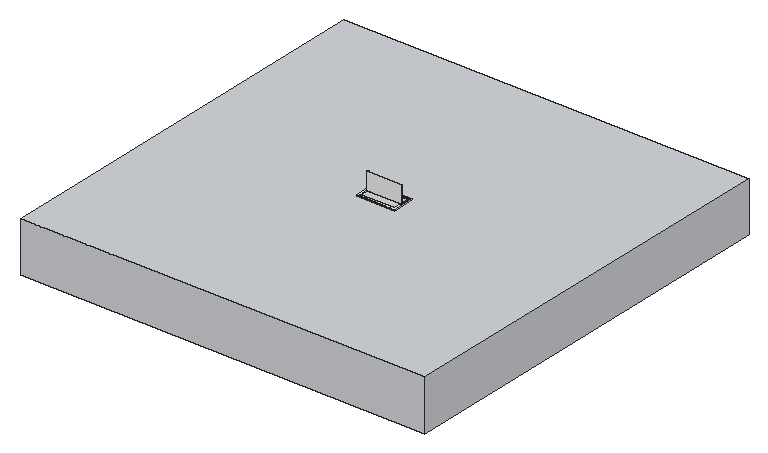
Revit family "Legrand_Emergencia_URA_ONE_EXPORT_EN", category Luminaires, Revit 2020
Family settings
  Hôte = Face
  Cote de connecteur circulaire = Utiliser le diamètre
  Type d'élément = Normal
  Couper avec des vides une fois chargée = Non
  Source d'éclairage = Oui
  Partagée = Non
  Point de calcul de pièce = Non
Parameters (values of type "URAONE M-NM 350LM 1H IP42 ADR")
  WIRING_SYSTEM = "Continuous circuit/emergency cicuit"
  WIDTH = "110"
  VOLTAGE_TYPE = "AC"
  REF_SPARE_BATTERY = "660971"
  REFERENCE_SUSPENSION_ACCESS [instance] = if(NUMBER_SUSPENSION_ACCESS > 1, 0, if(SUSPENSION_ACCESS_URAONE_ALU, 661663, if(SUSPENSION_ACCESS_URAONE_WHITE, 661662, 0)))  # 661663
  REFERENCE_PLATE [instance] = if(NUMBER_PLATE = 1, if(URAONE_FLUSH_FR_W_PICT_PLATE, 661665, 661664), 0)  # 661665
  REFERENCE_LABEL [instance] = if(NUMBER_LABEL > 1, 0, if(LABEL_RUNNING_MAN_ARROW, 661670, if(LABEL_EVACUATION_ARROW, 661671, if(LABEL_STAIRS_AND_ARROW, 661672, if(LABEL_SALIDA, 661682, if(LABEL_SALIDA_DE_EMERGENCIA, 661683, if(LABEL_IRTEERA, 661684, if(LABEL_SORTIDA, 661685, if(LABEL_SIN_SALIDA, 661689, if(LABEL_EXTING_ARROW, 661690, if(LABEL_FIRE_HOSE_REEL_ARROW, 661691, 0)))))))))))  # 661670
  REFERENCE_FLUSH-MOUNT_FRAME [instance] = if(NUMBER_FLUSH_MOUNT_FRAME > 1, 0, if(FLUSH_MOUNT_FRAME_URAONE_ALU, 661651, if(FLUSH_MOUNT_FRAME_URAONE_WHITE, 661650, 0)))  # 661650
  REFERENCE_FLAG_MOUNT_FRAME [instance] = if(NUMBER_FLAG_MOUNT_FRAME > 1, 0, if(FLAG_MOUNT_FRAME_URAONE_ALU, 661659, if(FLAG_MOUNT_FRAME_URAONE_WHITE, 661658, 0)))  # 661659
  REFERENCE_DECORATIVE [instance] = if(NUMBER_DECORATIVE > 1, 0, if(DECORATIVE_FRAME_URAONE_ALU, 661655, if(DECORATIVE_FRAME_URAONE_WHITE, 661654, 0)))  # 661654
  RECOGNITION_DISTANCE = ""
  PROTECTION_CLASS = "II"
  PRODUCT_FORMAT = "Rectangle"
  POWER_SUPPLY_SYSTEM = "Peripheral (individual battery)"
  OUTER_DIAMETER = ""
  NUMBER_PLATE [instance] = if(PICTOG_SIGNALLING_PLATE_URAONE, 1, 0) + if(URAONE_FLUSH_FR_W_PICT_PLATE, 1, 0)  # 1
  NUMBER_LABEL [instance] = if(LABEL_RUNNING_MAN_ARROW, 1, 0) + if(LABEL_EVACUATION_ARROW, 1, 0) + if(LABEL_STAIRS_AND_ARROW, 1, 0) + if(LABEL_SALIDA, 1, 0) + if(LABEL_SALIDA_DE_EMERGENCIA, 1, 0) + if(LABEL_IRTEERA, 1, 0) + if(LABEL_SORTIDA, 1, 0) + if(LABEL_EXTING_ARROW, 1, 0) + if(LABEL_FIRE_HOSE_REEL_ARROW, 1, 0) + if(LABEL_SIN_SALIDA, 1, 0)  # 1
  NOMINAL_VOLTAGE_(MIN) = "230"
  NOMINAL_VOLTAGE_(MAX) = "230"
  MOUNTING_METHOD = "Built-in"
  MONITORING_EQUIPEMENT = "Automatic self test"
  MATERIAL_HOUSING = "Plastic"
  MATERIAL_COVER = "Plastic. opal"
  LUMINOUS_FLUX_AT_EMERGENCY_OPERATION = "350"
  LENGTH = "210"
  LAMP_TYPE = "Fluorescent lamp"
  LAMP_POWER = "35"
  LABELLING_TYPE = "Sticker"
  HEIGHT/DEPTH = "41"
  General Conditions of Use = "https://export.legrand.com/en/terms-of-use-BIM-objects"
  FUNCTION = "EL unit"
  LABEL_SIN_SALIDA [instance] = no
  LABEL_FIRE_HOSE_REEL_ARROW [instance] = no
  LABEL_EXTING_ARROW [instance] = no
  LABEL_SORTIDA [instance] = no
  LABEL_IRTEERA [instance] = no
  LABEL_SALIDA_DE_EMERGENCIA [instance] = no
  LABEL_SALIDA [instance] = no
  LABEL_STAIRS_AND_ARROW [instance] = no
  PICTOG_SIGNALLING_PLATE_URAONE [instance] = no
  NUMBER_FLAG_MOUNT_FRAME [instance] = if(FLAG_MOUNT_FRAME_URAONE_WHITE, 1, 0) + if(FLAG_MOUNT_FRAME_URAONE_ALU, 1, 0)  # 1
  NUMBER_SUSPENSION_ACCESS [instance] = if(SUSPENSION_ACCESS_URAONE_WHITE, 1, 0) + if(SUSPENSION_ACCESS_URAONE_ALU, 1, 0)  # 1
  NUMBER_DECORATIVE [instance] = if(DECORATIVE_FRAME_URAONE_WHITE, 1, 0) + if(DECORATIVE_FRAME_URAONE_ALU, 1, 0)  # 1
  URAONE_FLUSH_FR_W_PICT_PLATE [instance] = yes
  LABEL_RUNNING_MAN_ARROW [instance] = yes
  LABEL_EVACUATION_ARROW [instance] = no
  DESCRIPTION_SUSPENSION_ACCESS [instance] = if(NUMBER_SUSPENSION_ACCESS > 1, "0", if(SUSPENSION_ACCESS_URAONE_ALU, "SUSPENSION_ACCESS_URAONE_ALU", if(SUSPENSION_ACCESS_URAONE_WHITE, "SUSPENSION_ACCESS_URAONE_WHITE", "0")))  # "SUSPENSION_ACCESS_URAONE_ALU"
  DESCRIPTION_PLATE [instance] = if(NUMBER_PLATE = 1, if(URAONE_FLUSH_FR_W_PICT_PLATE, "URAONE_FLUSH_FR_W_PICT_PLATE", "PICTOG_SIGNALLING_PLATE_URAONE"), "0")  # "URAONE_FLUSH_FR_W_PICT_PLATE"
  DESCRIPTION_LABEL [instance] = if(NUMBER_LABEL > 1, "0", if(LABEL_RUNNING_MAN_ARROW, "LABEL_RUNNING_MAN_ARROW", if(LABEL_EVACUATION_ARROW, "LABEL_EVACUATION_ARROW", if(LABEL_STAIRS_AND_ARROW, "LABEL_STAIRS_AND_ARROW", if(LABEL_SALIDA, "LABEL_SALIDA", if(LABEL_SALIDA_DE_EMERGENCIA, "LABEL_SALIDA_DE_EMERGENCIA", if(LABEL_IRTEERA, "LABEL_IRTEERA", if(LABEL_SORTIDA, "LABEL_SORTIDA", if(LABEL_SIN_SALIDA, "LABEL_SIN_SALIDA", if(LABEL_EXTING_ARROW, "(LABEL_EXTING_ARROW", if(LABEL_FIRE_HOSE_REEL_ARROW, "LABEL_FIRE_HOSE_REEL_ARROW", "0")))))))))))  # "LABEL_RUNNING_MAN_ARROW"
  DESCRIPTION_FLUSH-MOUNT_FRAME [instance] = if(NUMBER_FLUSH_MOUNT_FRAME > 1, "0", if(FLUSH_MOUNT_FRAME_URAONE_ALU, "FLUSH_MOUNT_FRAME_URAONE_ALU", if(FLUSH_MOUNT_FRAME_URAONE_WHITE, "FLUSH_MOUNT_FRAME_URAONE_WHITE", "0")))  # "FLUSH_MOUNT_FRAME_URAONE_WHITE"
  DESCRIPTION_FLAG_MOUNT_FRAME [instance] = if(NUMBER_FLAG_MOUNT_FRAME > 1, "0", if(FLAG_MOUNT_FRAME_URAONE_ALU, "FLAG_MOUNT_FRAME_URAONE_ALU", if(FLAG_MOUNT_FRAME_URAONE_WHITE, "FLAG_MOUNT_FRAME_URAONE_WHITE", "0")))  # "FLAG_MOUNT_FRAME_URAONE_ALU"
  DESCRIPTION_DECORATIVE [instance] = if(NUMBER_DECORATIVE > 1, "0", if(DECORATIVE_FRAME_URAONE_ALU, "DECORATIVE_FRAME_URAONE_ALU", if(DECORATIVE_FRAME_URAONE_WHITE, "DECORATIVE_FRAME_URAONE_WHITE", "0")))  # "DECORATIVE_FRAME_URAONE_WHITE"
  DESCRIPTION = "URAONE M-NM 350LM 1H IP42 ADR"
  built-in parameter 1150107 = 3000 (stored number, unit not read)
  Wattage = 9.2903 W
  built-in parameter 1150110 = 1 (stored number, unit not read)
  built-in parameter 1150109 = 1 (stored number, unit not read)
  built-in parameter 1114218 = 1 (stored number, unit not read)
  built-in parameter 1150113 = 1 (stored number, unit not read)
  built-in parameter 1150112 = 1 (stored number, unit not read)
  NUMBER_FLUSH_MOUNT_FRAME [instance] = if(FLUSH_MOUNT_FRAME_URAONE_WHITE, 1, 0) + if(FLUSH_MOUNT_FRAME_URAONE_ALU, 1, 0)  # 1
  built-in parameter 1150137 = (empty or 0)
  built-in parameter 1150132 = 2
  FLUSH_MOUNT_FRAME_URAONE_WHITE [instance] = yes
  FLUSH_MOUNT_FRAME_URAONE_ALU [instance] = no
  built-in parameter 1150105 = 109.82 (stored number, unit not read)
  built-in parameter 1150102 = (empty or 0)
  Dimming Lamp Color Temperature Shift = (empty or 0)
  Lumens = 1380 lm
  Color Filter = 16777215
  Fichier de distribution photométrique = "662634.ies"
  built-in parameter 1114217 = 1 (stored number, unit not read)
  built-in parameter 1150139 = (empty or 0)
  Default Elevation = 1219.2 mm
  built-in parameter 1150104 = 13.8 (stored number, unit not read)
  built-in parameter 1150106 = 1.0982 (stored number, unit not read)
  built-in parameter 1150115 = 1 (stored number, unit not read)
  built-in parameter 1150114 = 1 (stored number, unit not read)
  DEGREE_OF_PROTECTION_(IP) = "IP42"
  built-in parameter 1150138 = (empty or 0)
  built-in parameter 1150134 = (empty or 0)
  COLOUR_HOUSING = "White"
  CATEGORY = "Self-contained"
  BUILT_IN_WIDTH = ""
  BUILT_IN_LENGTH = ""
  BUILT_IN_DIAMETER = ""
  BUILT_IN_DEPTH = ""
  BATTERY_QUALITY = "NiMh"
  BAES_FULL_WARRANTY_PERIOD = "2"
  AUTONOMY = "1"
  ARTICLE_NUMBER = 662634
  SUSPENSION_ACCESS_URAONE_ALU [instance] = yes
  Tilt Angle = 90.00°
  DECORATIVE_FRAME_URAONE_WHITE [instance] = yes
  DECORATIVE_FRAME_URAONE_ALU [instance] = no
  FLAG_MOUNT_FRAME_URAONE_WHITE [instance] = no
  FLAG_MOUNT_FRAME_URAONE_ALU [instance] = yes
  built-in parameter 1150133 = 10 (stored number, unit not read)
  SUSPENSION_ACCESS_URAONE_WHITE [instance] = no
Reference planes
  plane 1 "Centre (avant/arrière)": y = 0
  plane 2: z = 0
  plane 3 "Centre (gauche/droite)": x = 0
  plane 4: x = -105
  plane 5: x = 105
  plane 6: y = 55
  plane 7: y = -55
  plane 8: z = -41
Forms (mm)
  Extrusion 1, solid
    sketch origin (0, 0, 0) x (1, 0, 0) y (0, 1, 0)
      loop
        line (-1219.2, 1219.2) -> (-1219.2, -1219.2) -> (1219.2, -1219.2) -> (1219.2, 1219.2) -> (-1219.2, 1219.2)
    from 0 to -304.8
  Extrusion 2, solid, material "Plastique opalin"
    sketch origin (0, 0, 0) x (1, 0, 0) y (0, 1, 0)
      loop
        line (-105, 55) -> (-105, -55) -> (105, -55) -> (105, 55) -> (-105, 55)
    from 5 to 0
  Extrusion 3, solid, material "Plastique gris"
    sketch origin (0, 0, 0) x (1, 0, 0) y (0, 1, 0)
      loop
        line (-105, 55) -> (-105, -55) -> (105, -55) -> (105, 55) -> (-105, 55)
    from 0 to -59.7
Dimensions and locks
  equal spacing: plane 4, plane 3 "Centre (gauche/droite)", plane 5
  equal spacing: plane 6, plane 1 "Centre (avant/arrière)", plane 7
  locked: plane 4 to plane 5 at 210
  locked: plane 6 to plane 7 at 110
  locked: Extrusion 1 to plane 8 at 41
  aligned and locked: plane 2 to Extrusion 1
  aligned and locked: level to Extrusion 1
  aligned and locked: Extrusion 2 sketch curve to plane 6
  aligned and locked: plane 4 to Extrusion 2 sketch curve
  aligned and locked: plane 7 to Extrusion 2 sketch curve
  aligned and locked: Extrusion 2 sketch curve to plane 5
  aligned and locked: level to Extrusion 3
  aligned and locked: Extrusion 2 to level
  aligned and locked: plane 3 "Centre (gauche/droite)" to nested 3
  aligned and locked: plane 1 "Centre (avant/arrière)" to nested 3
  aligned and locked: plane 3 "Centre (gauche/droite)" to nested 4
  aligned and locked: plane 1 "Centre (avant/arrière)" to nested 4
  aligned and locked: plane 3 "Centre (gauche/droite)" to nested 5
  aligned and locked: plane 1 "Centre (avant/arrière)" to nested 5
  aligned and locked: plane 3 "Centre (gauche/droite)" to nested 6
  aligned and locked: plane 1 "Centre (avant/arrière)" to nested 6
  aligned and locked: plane 3 "Centre (gauche/droite)" to nested 7
  aligned and locked: plane 1 "Centre (avant/arrière)" to nested 7
  aligned and locked: plane 3 "Centre (gauche/droite)" to nested 8
  aligned and locked: plane 1 "Centre (avant/arrière)" to nested 8
  aligned and locked: plane 3 "Centre (gauche/droite)" to nested 9
  aligned and locked: plane 1 "Centre (avant/arrière)" to nested 9
  aligned and locked: plane 3 "Centre (gauche/droite)" to nested 10
  aligned and locked: plane 1 "Centre (avant/arrière)" to nested 10
  aligned and locked: plane 3 "Centre (gauche/droite)" to nested 11
  aligned and locked: plane 1 "Centre (avant/arrière)" to nested 11
  aligned and locked: plane 3 "Centre (gauche/droite)" to nested 12
  aligned and locked: plane 1 "Centre (avant/arrière)" to nested 12
Automatic sketch dimensions
  Extrusion 1 sketch curve to Extrusion 1 sketch curve = 2438.4 mm  (x2)
  Extrusion 3 sketch curve to plane 4 = 0 mm
  Extrusion 3 sketch curve to plane 5 = 0 mm
  Extrusion 3 sketch curve to plane 7 = 0 mm
  Extrusion 3 sketch curve to plane 6 = 0 mm
Nested families
  nested 1: "LEGRAND_ES_URAONE_MARCO_EMPOTRAR" at (0, 0, 5), type "LEGRAND_ES_URAONE_MARCO_EMPOTRAR"
  nested 2: "LEGRAND_ES_URA_ONE_PLACA_PICTOGRAMA" at (0, 0, 5), type "PICTOGRAMA"
  nested 3: "661670_E FHo" at (0, 0, 0), visible <- "LABEL_RUNNING_MAN_ARROW", type "661670_E FHo"
  nested 4: "661671_E ASC" at (0, 0, 0), visible <- "LABEL_EVACUATION_ARROW", type "661671_E ASC"
  nested 5: "661672_E ESC" at (0, 0, 0), visible <- "LABEL_STAIRS_AND_ARROW", type "661672_E ESC"
  nested 6: "661682_E SALIDA" at (0, 0, 0), visible <- "LABEL_SALIDA", type "661682_E SALIDA"
  nested 7: "661683_E SALIDA_EMER" at (0, 0, 0), visible <- "LABEL_SALIDA_DE_EMERGENCIA", type "661683_E SALIDA_EMER"
  nested 8: "661684_E IRTEERA" at (0, 0, 0), visible <- "LABEL_IRTEERA", type "661684_E IRTEERA"
  nested 9: "661685_E SORTIDA" at (0, 0, 0), visible <- "LABEL_SORTIDA", type "661685_E SORTIDA"
  nested 10: "661689_E SIN SALIDA" at (0, 0, 0), visible <- "LABEL_SIN_SALIDA", type "661689_E SIN SALIDA"
  nested 11: "661690_E EXCT" at (0, 0, 0), visible <- "LABEL_EXTING_ARROW", type "661690_E EXCT"
  nested 12: "661691_E RIA" at (0, 0, 0), visible <- "LABEL_FIRE_HOSE_REEL_ARROW", type "661691_E RIA"
Connectors
  electrical at (0, 0, -59.7)
    settings: on Extrusion 3, index 1, voltage 0 V, apparent load 0 VA, apparent load phase1 0 VA, apparent load phase2 0 VA, apparent load phase3 0 VA, power factor 1, load classification "Autre", number of poles 1, system type 31, power factor state 1, is connector primary yes, connector utility no, sub classification motor no, connector description ""
Definition of nested family "LEGRAND_ES_URAONE_MARCO_EMPOTRAR"
  Parameters (values of type "LEGRAND_ES_URAONE_MARCO_EMPOTRAR")
    Rayon_Enjoliveur = 93.5 mm
    Default Elevation = 1219.2 mm
    D = 111.5 mm
    C = 10 mm
    B = 131.5 mm
    A = 231.5 mm
  Reference planes
    plane 1 "Centre (avant/arrière)": y = 0
    plane 2: z = 0
    plane 3 "Centre (gauche/droite)": x = 0
    plane 4: x = 115.75
    plane 5: x = -115.75
    plane 6: z = 5
    plane 7: y = 65.75
    plane 8: y = -65.75
    plane 9: x = -105.75
    plane 10: x = 105.75
    plane 11: y = 55.75
    plane 12: y = -55.75
  Forms (mm)
    Extrusion 1, solid
      sketch origin (0, 0, 0) x (1, 0, 0) y (0, 1, 0)
        loop
          line (-1219.2, 1219.2) -> (-1219.2, -1219.2) -> (1219.2, -1219.2) -> (1219.2, 1219.2) -> (-1219.2, 1219.2)
      from 0 to -304.8
    Extrusion 2, solid
      sketch origin (0, 0, 0) x (1, 0, 0) y (0, 1, 0)
        loop
          line (-115.75, 65.75) -> (-115.75, -65.75) -> (115.75, -65.75) -> (115.75, 65.75) -> (-115.75, 65.75)
        loop
          line (-105.75, 55.75) -> (-105.75, -55.75) -> (105.75, -55.75) -> (105.75, 55.75) -> (-105.75, 55.75)
      from 0 to 5
  Dimensions and locks
    equal spacing: plane 5, plane 3 "Centre (gauche/droite)", plane 4
    equal spacing: plane 7, plane 1 "Centre (avant/arrière)", plane 8
    "B": plane 7 to plane 8
    "A": plane 5 to plane 4
    "C": plane 5 to plane 9
    "C": plane 10 to plane 4
    "C": plane 7 to plane 11
    "C": plane 12 to plane 8
    aligned and locked: plane 2 to Extrusion 1
    aligned and locked: level to Extrusion 1
    aligned and locked: Extrusion 2 sketch curve to plane 7
    aligned and locked: plane 5 to Extrusion 2 sketch curve
    aligned and locked: plane 8 to Extrusion 2 sketch curve
    aligned and locked: Extrusion 2 sketch curve to plane 4
    aligned and locked: Extrusion 2 sketch curve to plane 11
    aligned and locked: plane 9 to Extrusion 2 sketch curve
    aligned and locked: plane 12 to Extrusion 2 sketch curve
    aligned and locked: Extrusion 2 sketch curve to plane 10
  Automatic sketch dimensions
    Extrusion 1 sketch curve to Extrusion 1 sketch curve = 2438.4 mm  (x2)
Definition of nested family "LEGRAND_ES_URA_ONE_PLACA_PICTOGRAMA"
  Parameters (values of type "PICTOGRAMA")
    PICTOGRAMA_ANCHURA = 214.6 mm
    PICTOGRAMA_ALTURA = 106 mm
    Default Elevation = 1219.2 mm
  Reference planes
    plane 1 "Centre (avant/arrière)": y = 0
    plane 2: z = 0
    plane 3 "Centre (gauche/droite)": x = 0
    plane 4: x = 107.3
    plane 5: x = -107.3
    plane 6: z = 106
    plane 7: x = 87.3
    plane 8: x = -87.3
  Forms (mm)
    Extrusion 1, solid
      sketch origin (0, 0, 0) x (1, 0, 0) y (0, 1, 0)
        loop
          line (-1219.2, 1219.2) -> (-1219.2, -1219.2) -> (1219.2, -1219.2) -> (1219.2, 1219.2) -> (-1219.2, 1219.2)
      from 0 to -304.8
    Extrusion 2, solid
      sketch origin (0, 0, 0) x (1, 0, 0) y (0, 0, 1)
        loop
          line (107.3, 106) -> (-107.3, 106) -> (-107.3, 0) -> (-87.3, 0) -> (-87.3, 2) -> (87.3, 2) -> (87.3, 0) -> (107.3, 0) -> (107.3, 106)
      from -1 to 1
  Dimensions and locks
    "PICTOGRAMA_ANCHURA": plane 5 to plane 4
    "PICTOGRAMA_ALTURA": level to plane 6
    locked: plane 7 to plane 4 at 20
    locked: plane 5 to plane 8 at 20
    equal spacing: plane 5, plane 3 "Centre (gauche/droite)", plane 4
    aligned and locked: plane 2 to Extrusion 1
    aligned and locked: level to Extrusion 1
  Automatic sketch dimensions
    Extrusion 1 sketch curve to Extrusion 1 sketch curve = 2438.4 mm  (x2)
    plane 5 to Extrusion 2 sketch curve = 0 mm
    plane 8 to Extrusion 2 sketch curve = 0 mm
    plane 7 to Extrusion 2 sketch curve = 0 mm
    plane 4 to Extrusion 2 sketch curve = 0 mm
    Extrusion 2 sketch curve to level = 0 mm  (x2)
    Extrusion 2 sketch curve to plane 6 = 0 mm
    Extrusion 2 sketch curve to Extrusion 2 sketch curve = 2 mm
Definition of nested family "661670_E FHo"
  Reference planes
    plane 1 "Centre (avant/arrière)": y = 0
    plane 2: z = 0
    plane 3 "Centre (gauche/droite)": x = 0
  Lines and regions (mm)
    Filled region 1, type "Vert", in view "Niveau de réf."
      outline origin (0, 0, 0) x (1, 0, 0) y (0, 1, 0)
        loop
          line (112.676, 52.5) -> (-4.701, 52.5) -> (-4.701, -52.5) -> (112.676, -52.5) -> (112.676, 52.5)
        loop
          line (-243.387, 52.5) -> (-243.387, -52.5) -> (-126.725, -52.5) -> (-126.725, 52.5) -> (-243.387, 52.5)
        loop
          line (67.242, 28.953) -> (43.543, 28.953) -> (59.062, 11.106) -> (12.677, 11.106) -> (12.677, -6.91) -> (59.051, -6.91) -> (44.377, -23.785) -> (67.64, -23.785) -> (94.54, 1.655) -> (67.242, 28.953)
        loop
          line (-6.812, 52.5) -> (-123.387, 52.5) -> (-123.387, -52.5) -> (-6.812, -52.5) -> (-6.812, 52.5)
        loop
          line (-84.88, -47.482) -> (-17.017, -47.482) -> (-17.017, 49.485) -> (-84.908, 49.485) -> (-77.183, 36.628) -> (-74.134, 36.628) -> (-74.134, 48.049) -> (-44.739, 38.498) -> (-44.739, -35.64) -> (-74.546, -44.753) -> (-74.546, -32.025) -> (-77.004, -32.025) -> (-84.88, -47.482)
        loop
          line (-73.166, -38.376) -> (-62.202, -38.376) -> (-62.202, -18.622) -> (-79.229, -1.595) -> (-67.413, 10.222) -> (-67.413, -4.172) -> (-45.8, -4.172) -> (-45.8, 5.828) -> (-58.723, 5.828) -> (-58.723, 17.859) -> (-68.059, 21.443) -> (-71.852, 29.963) -> (-94.398, 29.963) -> (-104.526, 19.836) -> (-97.455, 12.765) -> (-89.516, 20.168) -> (-80.506, 20.168) -> (-97.455, 4.363) -> (-97.455, -16.957) -> (-113.416, -16.957) -> (-113.416, -26.957) -> (-87.308, -26.957) -> (-87.308, -8.273) -> (-73.166, -22.415) -> (-73.166, -38.376)
        loop
          circle (-55.328, 30.644) r 8.662
        loop
          line (-164.82, -47.482) -> (-172.696, -32.025) -> (-175.154, -32.025) -> (-175.154, -44.753) -> (-204.961, -35.64) -> (-204.961, 38.498) -> (-175.566, 48.049) -> (-175.566, 36.628) -> (-172.517, 36.628) -> (-164.792, 49.485) -> (-232.683, 49.485) -> (-232.683, -47.482) -> (-164.82, -47.482)
        loop
          line (-176.534, -38.376) -> (-176.534, -22.415) -> (-162.392, -8.273) -> (-162.392, -26.957) -> (-136.284, -26.957) -> (-136.284, -16.957) -> (-152.245, -16.957) -> (-152.245, 4.363) -> (-169.194, 20.168) -> (-160.184, 20.168) -> (-152.245, 12.765) -> (-145.174, 19.836) -> (-155.302, 29.963) -> (-177.848, 29.963) -> (-181.641, 21.443) -> (-190.977, 17.859) -> (-190.977, 5.828) -> (-203.9, 5.828) -> (-203.9, -4.172) -> (-182.287, -4.172) -> (-182.287, 10.222) -> (-170.471, -1.595) -> (-187.499, -18.622) -> (-187.499, -38.376) -> (-176.534, -38.376)
        loop
          circle (-194.373, 30.644) r 8.662
Definition of nested family "661671_E ASC"
  Reference planes
    plane 1 "Centre (avant/arrière)": y = 0
    plane 2: z = 0
    plane 3 "Centre (gauche/droite)": x = 0
  Lines and regions (mm)
    Filled region 1, type "Vert", in view "Niveau de réf."
      outline origin (0, 0, 0) x (1, 0, 0) y (0, 1, 0)
        loop
          line (112.676, 52.5) -> (5.239, 52.5) -> (5.239, -52.5) -> (112.676, -52.5) -> (112.676, 52.5)
        loop
          line (-107.398, 52.5) -> (-107.398, -52.5) -> (0.039, -52.5) -> (0.039, 52.5) -> (-107.398, 52.5)
        loop
          line (72.079, 27.078) -> (48.38, 27.078) -> (62.812, 10.481) -> (20.802, 10.481) -> (20.802, -7.535) -> (62.801, -7.535) -> (49.758, -22.535) -> (74.725, -22.535) -> (94.973, 0.75) -> (72.079, 27.078)
        loop
          line (-93.387, 40.441) -> (-93.387, -31.462) -> (-71.493, -31.462) -> (-71.493, -19.982) -> (-81.493, -19.982) -> (-81.493, 27.078) -> (-54.371, 27.078) -> (-27.249, 27.078) -> (-27.249, -19.982) -> (-37.249, -19.982) -> (-37.249, -31.462) -> (-15.355, -31.462) -> (-15.355, 40.441) -> (-54.371, 40.441) -> (-93.387, 40.441)
        loop
          line (-61.669, 7.089) -> (-61.669, -27.911) -> (-67.607, -27.911) -> (-54.813, -40.704) -> (-42.02, -27.911) -> (-47.957, -27.911) -> (-47.957, 7.089) -> (-61.669, 7.089)
Definition of nested family "661672_E ESC"
  Reference planes
    plane 1 "Centre (avant/arrière)": y = 0
    plane 2: z = 0
    plane 3 "Centre (gauche/droite)": x = 0
  Lines and regions (mm)
    Filled region 1, type "Vert", in view "Niveau de réf."
      outline origin (0, 0, 0) x (1, 0, 0) y (0, 1, 0)
        loop
          line (111.426, 47.5) -> (5.239, 47.5) -> (5.239, -48.75) -> (111.426, -48.75) -> (111.426, 47.5)
        loop
          line (-108.648, 47.5) -> (-108.648, -48.75) -> (0.039, -48.75) -> (0.039, 47.5) -> (-108.648, 47.5)
        loop
          line (69.465, 24.578) -> (47.755, 24.578) -> (62.187, 7.981) -> (19.552, 7.981) -> (19.552, -8.16) -> (62.869, -8.16) -> (48.739, -24.41) -> (69.812, -24.41) -> (94.133, -0.09) -> (69.465, 24.578)
        loop
          line (-101.845, -24.34) -> (-101.845, -36.094) -> (-78.026, -36.094) -> (-78.026, -24.34) -> (-63.026, -24.34) -> (-63.026, -14.051) -> (-47.008, -14.051) -> (-47.008, -3.468) -> (-32.008, -3.468) -> (-32.008, 7.992) -> (-17.008, 7.992) -> (-17.008, 19.98) -> (-4.961, 19.98) -> (-4.961, 32.564) -> (-29.073, 32.564) -> (-29.073, 21.15) -> (-43.624, 21.15) -> (-43.624, 9.101) -> (-59.557, 9.101) -> (-59.557, -0.899) -> (-74.557, -0.899) -> (-74.557, -11.852) -> (-89.557, -11.852) -> (-89.557, -24.34) -> (-101.845, -24.34)
Definition of nested family "661682_E SALIDA"
  Reference planes
    plane 1 "Centre (avant/arrière)": y = 0
    plane 2: z = 0
    plane 3 "Centre (gauche/droite)": x = 0
  Lines and regions (mm)
    Filled region 1, type "Vert", in view "Niveau de réf."
      outline origin (0, 0, 0) x (1, 0, 0) y (0, 1, 0)
        loop
          line (-108.648, 47.5) -> (-108.648, -48.75) -> (111.426, -48.75) -> (111.426, 47.5) -> (-108.648, 47.5)
        loop
          line (-58.04, -18.566) -> (-46.173, -18.566) -> (-44.249, -11.388) -> (-37.71, -11.388) -> (-35.787, -18.566) -> (-23.781, -18.566) -> (-33.913, 19.247) -> (-47.909, 19.247) -> (-58.04, -18.566)
        loop
          line (-43.046, -3.587) -> (-38.803, -3.587) -> (-40.821, 7.859) -> (-43.046, -3.587)
        loop
          line (-23.014, 19.247) -> (-23.014, -18.566) -> (2.333, -18.566) -> (2.333, -9.487) -> (-10.473, -9.487) -> (-10.473, 19.247) -> (-23.014, 19.247)
        loop
          line (4.718, 19.247) -> (4.718, -18.566) -> (16.818, -18.566) -> (16.818, 19.247) -> (4.718, 19.247)
        loop
          line (21.193, -18.566) -> (35.551, -18.566)
          arc (35.551, -18.566) -> (41.449, -17.828) -> (46.984, -15.659) r 23.944
          arc (46.984, -15.659) -> (49.732, -13.05) -> (50.808, -9.417) r 7.324
          line (50.808, -9.417) -> (50.808, 10.099)
          arc (50.808, 10.099) -> (49.594, 13.949) -> (46.525, 16.57) r 7.324
          arc (46.525, 16.57) -> (41.199, 18.568) -> (35.551, 19.247) r 23.832
          line (35.551, 19.247) -> (21.193, 19.247) -> (21.193, -18.566)
        loop
          line (51.96, -18.566) -> (63.827, -18.566) -> (65.751, -11.388) -> (72.29, -11.388) -> (74.213, -18.566) -> (86.219, -18.566) -> (76.087, 19.247) -> (62.091, 19.247) -> (51.96, -18.566)
        loop
          line (66.954, -3.587) -> (71.197, -3.587) -> (69.179, 7.859) -> (66.954, -3.587)
        loop
          line (-72.242, -5.02) -> (-70.68, -6.354)
          arc (-70.68, -6.354) -> (-69.944, -7.63) -> (-69.688, -9.08) r 4.241
          arc (-69.688, -9.08) -> (-70.291, -10.536) -> (-71.748, -11.14) r 2.06
          line (-71.748, -11.14) -> (-73.551, -11.14)
          arc (-73.551, -11.14) -> (-75.202, -10.456) -> (-75.886, -8.805) r 2.335
          line (-75.886, -8.805) -> (-75.886, -5.046) -> (-87.115, -5.046) -> (-87.115, -9.85)
          arc (-87.115, -9.85) -> (-86.978, -11.872) -> (-86.086, -13.691) r 5.247
          arc (-86.086, -13.691) -> (-83.823, -16.107) -> (-81.115, -18.012) r 16.191
          arc (-81.115, -18.012) -> (-78.117, -18.764) -> (-75.071, -19.296) r 42.64
          arc (-75.071, -19.296) -> (-70.854, -19.401) -> (-66.718, -18.566) r 18.859
          arc (-66.718, -18.566) -> (-63.518, -17.112) -> (-60.732, -14.969) r 15.342
          arc (-60.732, -14.969) -> (-59.073, -12.501) -> (-58.552, -9.573) r 7.197
          arc (-58.552, -9.573) -> (-58.758, -6.546) -> (-59.178, -3.541) r 42.646
          arc (-59.178, -3.541) -> (-60.567, -0.27) -> (-63.248, 2.061) r 7.898
          line (-63.248, 2.061) -> (-73.957, 7.755)
          arc (-73.957, 7.755) -> (-75.302, 9.975) -> (-73.874, 12.143) r 2.43
          arc (-73.874, 12.143) -> (-72.54, 12.396) -> (-71.238, 12.012) r 2.89
          arc (-71.238, 12.012) -> (-70.056, 10.831) -> (-69.624, 9.217) r 3.228
          line (-69.624, 9.217) -> (-69.624, 6.863) -> (-58.552, 6.863) -> (-58.552, 10.488)
          arc (-58.552, 10.488) -> (-58.862, 12.1) -> (-59.4, 13.65) r 11.366
          arc (-59.4, 13.65) -> (-61.098, 16.154) -> (-63.602, 17.852) r 8.029
          arc (-63.602, 17.852) -> (-68.794, 19.503) -> (-74.209, 20.107) r 27.716
          arc (-74.209, 20.107) -> (-79.906, 18.829) -> (-84.421, 15.126) r 12.636
          arc (-84.421, 15.126) -> (-86.257, 11.301) -> (-86.432, 7.063) r 10.512
          arc (-86.432, 7.063) -> (-85.068, 3.344) -> (-82.424, 0.394) r 10.512
          line (-82.424, 0.394) -> (-72.242, -5.02)
        loop
          line (32.881, 11.016) -> (32.881, -10.588)
          arc (32.881, -10.588) -> (34.57, -10.452) -> (36.205, -10.002) r 9.019
          arc (36.205, -10.002) -> (37.535, -9.142) -> (38.395, -7.812) r 3.776
          line (38.395, -7.812) -> (38.395, 8.239)
          arc (38.395, 8.239) -> (37.535, 9.569) -> (36.205, 10.429) r 3.776
          arc (36.205, 10.429) -> (34.57, 10.879) -> (32.881, 11.016) r 9.019
Definition of nested family "661683_E SALIDA_EMER"
  Reference planes
    plane 1 "Centre (avant/arrière)": y = 0
    plane 2: z = 0
    plane 3 "Centre (gauche/droite)": x = 0
  Lines and regions (mm)
    Filled region 1, type "Vert", in view "Niveau de réf."
      outline origin (0, 0, 0) x (1, 0, 0) y (0, 1, 0)
        loop
          line (-108.648, 47.5) -> (-108.648, -48.75) -> (111.426, -48.75) -> (111.426, 47.5) -> (-108.648, 47.5)
        loop
          line (-80.549, -25.212) -> (-66.846, -25.212) -> (-66.846, -20.619) -> (-76.846, -20.619) -> (-76.846, -14.787) -> (-68.358, -14.787) -> (-68.358, -10.548) -> (-76.846, -10.548) -> (-76.846, -5.548) -> (-67.636, -5.548) -> (-67.636, -1.246) -> (-80.549, -1.246) -> (-80.549, -25.212)
        loop
          line (-43.72, -25.212) -> (-30.017, -25.212) -> (-30.017, -20.619) -> (-40.017, -20.619) -> (-40.017, -14.787) -> (-31.528, -14.787) -> (-31.528, -10.548) -> (-40.017, -10.548) -> (-40.017, -5.548) -> (-30.807, -5.548) -> (-30.807, -1.246) -> (-43.72, -1.246) -> (-43.72, -25.212)
        loop
          line (9.367, -25.212) -> (23.07, -25.212) -> (23.07, -20.619) -> (13.07, -20.619) -> (13.07, -14.787) -> (21.558, -14.787) -> (21.558, -10.548) -> (13.07, -10.548) -> (13.07, -5.548) -> (22.28, -5.548) -> (22.28, -1.246) -> (9.367, -1.246) -> (9.367, -25.212)
        loop
          line (-64.52, -25.212) -> (-60.706, -25.212) -> (-60.706, -6.789) -> (-57.788, -25.212) -> (-54.122, -25.212) -> (-50.859, -6.705) -> (-50.859, -25.212) -> (-47.163, -25.212) -> (-47.163, -1.246) -> (-52.882, -1.246) -> (-56.044, -19.181) -> (-58.885, -1.246) -> (-64.52, -1.246) -> (-64.52, -25.212)
        loop
          line (-27.138, -25.212) -> (-23.752, -25.212) -> (-23.752, -15.889) -> (-19.242, -15.889)
          arc (-19.242, -15.889) -> (-17.999, -16.565) -> (-17.503, -17.89) r 2.02
          line (-17.503, -17.89) -> (-17.503, -23.582) -> (-17.062, -25.229) -> (-12.787, -25.229) -> (-12.787, -24.269)
          arc (-12.787, -24.269) -> (-13.552, -23.682) -> (-13.842, -22.763) r 1.603
          line (-13.842, -22.763) -> (-13.842, -16.322)
          arc (-13.842, -16.322) -> (-14.537, -14.922) -> (-15.654, -13.828) r 4.696
          arc (-15.654, -13.828) -> (-13.201, -6.823) -> (-18.099, -1.246) r 7.357
          line (-18.099, -1.246) -> (-27.138, -1.246) -> (-27.138, -25.212)
        loop
          arc (2.406, -16.284) -> (0.416, -20.35) -> (-4.103, -20.619) r 4.492
          arc (-4.103, -20.619) -> (-5.84, -18.514) -> (-6.666, -15.912) r 7.175
          arc (-6.666, -15.912) -> (-6.387, -10.771) -> (-4.409, -6.016) r 15.22
          arc (-4.409, -6.016) -> (-2.972, -4.94) -> (-1.183, -5.091) r 2.524
          arc (-1.183, -5.091) -> (0.725, -6.628) -> (1.755, -8.851) r 5.381
          line (1.755, -8.851) -> (5.885, -8.851)
          arc (5.885, -8.851) -> (5.322, -5.912) -> (3.956, -3.249) r 10.544
          arc (3.956, -3.249) -> (1.728, -1.357) -> (-1.134, -0.766) r 5.901
          arc (-1.134, -0.766) -> (-3.879, -1.168) -> (-6.492, -2.102) r 14.063
          arc (-6.492, -2.102) -> (-8.598, -4.549) -> (-9.978, -7.47) r 12.023
          arc (-9.978, -7.47) -> (-10.537, -9.824) -> (-10.744, -12.236) r 16.475
          arc (-10.744, -12.236) -> (-10.832, -13.064) -> (-10.886, -13.896) r 20.37
          arc (-10.886, -13.896) -> (-10.841, -15.883) -> (-10.531, -17.846) r 14.866
          arc (-10.531, -17.846) -> (-9.719, -20.361) -> (-8.474, -22.692) r 14.866
          arc (-8.474, -22.692) -> (-6.327, -24.749) -> (-3.494, -25.654) r 6.595
          arc (-3.494, -25.654) -> (-1.472, -25.507) -> (0.411, -24.752) r 6.595
          arc (0.411, -24.752) -> (1.708, -23.744) -> (2.716, -22.447) r 6.595
          line (2.716, -22.447) -> (3.254, -25.212) -> (5.957, -25.212) -> (5.957, -12.236) -> (-1.841, -12.236) -> (-1.841, -16.284) -> (2.406, -16.284)
        loop
          line (25.433, -25.212) -> (29.142, -25.212) -> (29.142, -8.873) -> (36.417, -25.212) -> (40.039, -25.212) -> (40.039, -1.246) -> (36.417, -1.246) -> (36.417, -17.541) -> (29.5, -1.246) -> (25.433, -1.246) -> (25.433, -25.212)
        loop
          arc (46.916, -2.102) -> (44.809, -4.549) -> (43.429, -7.47) r 12.023
          arc (43.429, -7.47) -> (42.871, -9.824) -> (42.663, -12.236) r 16.475
          arc (42.663, -12.236) -> (42.575, -13.064) -> (42.521, -13.896) r 20.37
          arc (42.521, -13.896) -> (42.566, -15.883) -> (42.876, -17.846) r 14.866
          arc (42.876, -17.846) -> (43.688, -20.361) -> (44.933, -22.692) r 14.866
          arc (44.933, -22.692) -> (47.08, -24.749) -> (49.913, -25.654) r 6.595
          arc (49.913, -25.654) -> (51.936, -25.507) -> (53.818, -24.752) r 6.595
          arc (53.818, -24.752) -> (55.085, -23.853) -> (56.191, -22.761) r 9.561
          arc (56.191, -22.761) -> (57.614, -19.926) -> (58.237, -16.817) r 11.889
          line (58.237, -16.817) -> (54.187, -16.817) -> (54.187, -18.094)
          arc (54.187, -18.094) -> (53.561, -19.603) -> (52.478, -20.828) r 4.971
          arc (52.478, -20.828) -> (50.708, -21.457) -> (48.938, -20.828) r 2.809
          arc (48.938, -20.828) -> (47.541, -19.07) -> (47.016, -16.888) r 5.202
          arc (47.016, -16.888) -> (46.599, -13.115) -> (47.016, -9.343) r 17.304
          arc (47.016, -9.343) -> (47.573, -7.335) -> (48.98, -5.799) r 4.464
          arc (48.98, -5.799) -> (50.647, -5.289) -> (52.313, -5.799) r 2.98
          arc (52.313, -5.799) -> (53.77, -7.335) -> (54.442, -9.343) r 4.893
          line (54.442, -9.343) -> (58.494, -9.343)
          arc (58.494, -9.343) -> (58.152, -7.166) -> (57.287, -5.14) r 8.922
          arc (57.287, -5.14) -> (54.821, -2.412) -> (51.465, -0.91) r 8.922
          arc (51.465, -0.91) -> (49.048, -0.962) -> (46.916, -2.102) r 5.199
        loop
          line (60.546, -1.246) -> (60.546, -25.212) -> (64.484, -25.212) -> (64.484, -1.246) -> (60.546, -1.246)
        loop
          line (-14.89, 31.776) -> (-14.89, 7.811) -> (-10.952, 7.811) -> (-10.952, 31.776) -> (-14.89, 31.776)
        loop
          line (56.297, 7.779) -> (70, 7.779) -> (70, 12.371) -> (60, 12.371) -> (60, 18.204) -> (68.488, 18.204) -> (68.488, 22.443) -> (60, 22.443) -> (60, 27.443) -> (69.21, 27.443) -> (69.21, 31.744) -> (56.297, 31.744) -> (56.297, 7.779)
        loop
          line (66.297, -25.212) -> (70.44, -25.212) -> (71.734, -20.382) -> (77.867, -20.382) -> (79.161, -25.212) -> (83.631, -25.212) -> (77.21, -1.246) -> (72.719, -1.246) -> (66.297, -25.212)
        loop
          line (72.657, -15.997) -> (77.038, -15.997) -> (75.011, -7.213) -> (72.657, -15.997)
        loop
          line (9.594, 7.793) -> (13.736, 7.793) -> (15.03, 12.623) -> (21.163, 12.623) -> (22.457, 7.793) -> (26.928, 7.793) -> (20.506, 31.759) -> (16.015, 31.759) -> (9.594, 7.793)
        loop
          line (15.953, 17.008) -> (20.335, 17.008) -> (18.307, 25.792) -> (15.953, 17.008)
        loop
          line (-50.406, 7.793) -> (-46.264, 7.793) -> (-44.97, 12.623) -> (-38.837, 12.623) -> (-37.543, 7.793) -> (-33.072, 7.793) -> (-39.494, 31.759) -> (-43.985, 31.759) -> (-50.406, 7.793)
        loop
          line (-44.047, 17.008) -> (-39.665, 17.008) -> (-41.693, 25.792) -> (-44.047, 17.008)
        loop
          line (-30.455, 31.759) -> (-30.455, 7.793) -> (-17.741, 7.793) -> (-17.741, 12.23) -> (-26.561, 12.23) -> (-26.561, 31.759) -> (-30.455, 31.759)
        loop
          line (-63.207, 15.351) -> (-67.151, 15.351)
          arc (-67.151, 15.351) -> (-66.905, 12.52) -> (-65.703, 9.946) r 8.148
          arc (-65.703, 9.946) -> (-64.238, 8.483) -> (-62.362, 7.606) r 5.986
          arc (-62.362, 7.606) -> (-59.61, 7.242) -> (-56.859, 7.606) r 10.573
          arc (-56.859, 7.606) -> (-55.173, 8.43) -> (-53.916, 9.824) r 4.937
          arc (-53.916, 9.824) -> (-52.9, 11.903) -> (-52.264, 14.127) r 13.161
          arc (-52.264, 14.127) -> (-52.266, 16.507) -> (-53.156, 18.715) r 6.262
          arc (-53.156, 18.715) -> (-54.509, 20.208) -> (-56.266, 21.195) r 6.262
          line (-56.266, 21.195) -> (-61.047, 22.657)
          arc (-61.047, 22.657) -> (-62.801, 23.755) -> (-63.233, 25.779) r 2.655
          arc (-63.233, 25.779) -> (-62.56, 27.404) -> (-60.935, 28.077) r 2.298
          arc (-60.935, 28.077) -> (-58.821, 27.915) -> (-57.286, 26.452) r 3.16
          arc (-57.286, 26.452) -> (-56.887, 25.53) -> (-56.599, 24.566) r 8.484
          line (-56.599, 24.566) -> (-52.716, 24.566)
          arc (-52.716, 24.566) -> (-53.037, 27.075) -> (-54.094, 29.372) r 8.351
          arc (-54.094, 29.372) -> (-55.746, 31.053) -> (-57.911, 31.984) r 6.118
          arc (-57.911, 31.984) -> (-60.95, 32.121) -> (-63.865, 31.253) r 9.136
          arc (-63.865, 31.253) -> (-65.451, 29.531) -> (-66.454, 27.415) r 7.78
          arc (-66.454, 27.415) -> (-66.85, 24.715) -> (-66.454, 22.015) r 9.4
          arc (-66.454, 22.015) -> (-65.034, 19.9) -> (-62.918, 18.48) r 6.6
          line (-62.918, 18.48) -> (-57.862, 16.739)
          arc (-57.862, 16.739) -> (-56.74, 15.982) -> (-56.147, 14.766) r 2.613
          arc (-56.147, 14.766) -> (-56.387, 12.946) -> (-57.674, 11.636) r 2.893
          line (-57.674, 11.636) -> (-60.994, 11.636)
          arc (-60.994, 11.636) -> (-62.46, 12.184) -> (-63.207, 13.56) r 2.235
          line (-63.207, 13.56) -> (-63.207, 15.351)
        loop
          line (-6.775, 7.957) -> (2.676, 7.957)
          arc (2.676, 7.957) -> (5.097, 9.53) -> (6.915, 11.774) r 9.229
          arc (6.915, 11.774) -> (8.104, 14.646) -> (8.51, 17.727) r 11.906
          line (8.51, 17.727) -> (8.51, 21.998)
          arc (8.51, 21.998) -> (8.096, 24.926) -> (7.03, 27.685) r 12.982
          arc (7.03, 27.685) -> (4.862, 30.284) -> (1.816, 31.759) r 8.028
          line (1.816, 31.759) -> (-6.775, 31.759) -> (-6.775, 7.957)
        loop
          line (37.22, 7.957) -> (46.672, 7.957)
          arc (46.672, 7.957) -> (49.093, 9.53) -> (50.91, 11.774) r 9.229
          arc (50.91, 11.774) -> (52.1, 14.646) -> (52.506, 17.727) r 11.906
          line (52.506, 17.727) -> (52.506, 21.998)
          arc (52.506, 21.998) -> (52.092, 24.926) -> (51.026, 27.685) r 12.982
          arc (51.026, 27.685) -> (48.858, 30.284) -> (45.812, 31.759) r 8.028
          line (45.812, 31.759) -> (37.22, 31.759) -> (37.22, 7.957)
        loop
          line (-2.827, 27.191) -> (-2.827, 12.23) -> (0.557, 12.23)
          arc (0.557, 12.23) -> (2.699, 13.624) -> (4.092, 15.766) r 6.165
          arc (4.092, 15.766) -> (4.837, 19.769) -> (4.092, 23.772) r 11.132
          arc (4.092, 23.772) -> (3.202, 25.576) -> (2.001, 27.191) r 11.132
          line (2.001, 27.191) -> (-2.827, 27.191)
        loop
          line (41.169, 27.191) -> (41.169, 12.23) -> (44.552, 12.23)
          arc (44.552, 12.23) -> (46.695, 13.624) -> (48.088, 15.766) r 6.165
          arc (48.088, 15.766) -> (48.833, 19.769) -> (48.088, 23.772) r 11.132
          arc (48.088, 23.772) -> (47.198, 25.576) -> (45.997, 27.191) r 11.132
          line (45.997, 27.191) -> (41.169, 27.191)
        loop
          line (-23.752, -11.646) -> (-18.534, -11.646)
          arc (-18.534, -11.646) -> (-17.457, -10.906) -> (-17.042, -9.667) r 2.059
          line (-17.042, -9.667) -> (-17.042, -7.258)
          arc (-17.042, -7.258) -> (-17.727, -6.233) -> (-18.752, -5.548) r 3.154
          line (-18.752, -5.548) -> (-23.752, -5.548) -> (-23.752, -11.646)
Definition of nested family "661684_E IRTEERA"
  Reference planes
    plane 1 "Centre (avant/arrière)": y = 0
    plane 2: z = 0
    plane 3 "Centre (gauche/droite)": x = 0
  Lines and regions (mm)
    Filled region 1, type "Vert", in view "Niveau de réf."
      outline origin (0, 0, 0) x (1, 0, 0) y (0, 1, 0)
        loop
          line (-108.648, 47.5) -> (-108.648, -48.75) -> (111.426, -48.75) -> (111.426, 47.5) -> (-108.648, 47.5)
        loop
          line (-83.942, 19.717) -> (-83.942, -24.665) -> (-75.283, -24.665) -> (-75.283, 19.717) -> (-83.942, 19.717)
        loop
          line (-70.283, -24.665) -> (-61.623, -24.665) -> (-61.623, -7.899) -> (-53.805, -24.665) -> (-42.939, -24.665) -> (-53.071, -6.479)
          arc (-53.071, -6.479) -> (-49.196, -3.161) -> (-46.915, 1.401) r 12.862
          arc (-46.915, 1.401) -> (-46.251, 6.401) -> (-46.915, 11.401) r 19.164
          arc (-46.915, 11.401) -> (-50.306, 16.922) -> (-56.15, 19.717) r 11.447
          line (-56.15, 19.717) -> (-70.283, 19.717) -> (-70.283, -24.665)
        loop
          line (-61.623, -0.122) -> (-58.435, 0.247)
          arc (-58.435, 0.247) -> (-57.251, 0.897) -> (-56.267, 1.822) r 5.363
          arc (-56.267, 1.822) -> (-55.04, 5.235) -> (-56.267, 8.649) r 5.363
          arc (-56.267, 8.649) -> (-58.68, 10.353) -> (-61.623, 10.598) r 5.621
          line (-61.623, 10.598) -> (-61.623, -0.122)
        loop
          line (-36.623, -24.665) -> (-28.014, -24.665) -> (-28.014, 9.409) -> (-21.164, 9.409) -> (-21.164, 19.409) -> (-43.59, 19.409) -> (-43.59, 9.409) -> (-36.623, 9.409) -> (-36.623, -24.665)
        loop
          line (-18.014, -24.665) -> (0.196, -24.665) -> (0.196, -14.773) -> (-9.804, -14.773) -> (-9.804, -7.399) -> (-0.463, -7.399) -> (-0.463, 2.601) -> (-9.804, 2.601) -> (-9.804, 9.409) -> (0.196, 9.409) -> (0.196, 19.409) -> (-18.014, 19.409) -> (-18.014, -24.665)
        loop
          line (5.196, -24.665) -> (23.459, -24.665) -> (23.459, -14.773) -> (13.459, -14.773) -> (13.459, -7.399) -> (22.928, -7.399) -> (22.928, 2.601) -> (13.459, 2.601) -> (13.459, 9.409) -> (23.459, 9.409) -> (23.459, 19.409) -> (5.196, 19.409) -> (5.196, -24.665)
        loop
          line (28.641, -24.665) -> (37.301, -24.665) -> (37.301, -7.899) -> (45.119, -24.665) -> (63.996, -24.665) -> (66.15, -17.154) -> (76.816, -17.154) -> (78.97, -24.665) -> (88.97, -24.665) -> (76.243, 19.717) -> (67.395, 19.717) -> (55.116, -23.106) -> (45.853, -6.479)
          arc (45.853, -6.479) -> (49.728, -3.161) -> (52.009, 1.401) r 12.862
          arc (52.009, 1.401) -> (52.673, 6.401) -> (52.009, 11.401) r 19.164
          arc (52.009, 11.401) -> (48.618, 16.922) -> (42.774, 19.717) r 11.447
          line (42.774, 19.717) -> (28.641, 19.717) -> (28.641, -24.665)
        loop
          line (37.301, -0.122) -> (40.489, 0.247)
          arc (40.489, 0.247) -> (41.673, 0.897) -> (42.657, 1.822) r 5.363
          arc (42.657, 1.822) -> (43.884, 5.235) -> (42.657, 8.649) r 5.363
          arc (42.657, 8.649) -> (40.244, 10.353) -> (37.301, 10.598) r 5.621
          line (37.301, 10.598) -> (37.301, -0.122)
        loop
          line (68.263, -7.979) -> (74.936, -7.979) -> (71.6, 5.403) -> (68.263, -7.979)
Definition of nested family "661685_E SORTIDA"
  Reference planes
    plane 1 "Centre (avant/arrière)": y = 0
    plane 2: z = 0
    plane 3 "Centre (gauche/droite)": x = 0
  Lines and regions (mm)
    Filled region 1, type "Vert", in view "Niveau de réf."
      outline origin (0, 0, 0) x (1, 0, 0) y (0, 1, 0)
        loop
          line (-108.648, 47.5) -> (-108.648, -48.75) -> (111.426, -48.75) -> (111.426, 47.5) -> (-108.648, 47.5)
        loop
          line (19.592, 18.933) -> (19.592, -21.334) -> (27.523, -21.334) -> (27.523, 18.933) -> (19.592, 18.933)
        loop
          line (3.046, -21.334) -> (10.957, -21.334) -> (10.957, 9.68) -> (17.199, 9.68) -> (17.199, 18.933) -> (-3.221, 18.933) -> (-3.221, 9.68) -> (3.046, 9.68) -> (3.046, -21.334)
        loop
          line (32.523, -21.302) -> (44.141, -21.302)
          arc (44.141, -21.302) -> (46.455, -20.932) -> (48.643, -20.095) r 11.35
          arc (48.643, -20.095) -> (53.565, -16.121) -> (56.429, -10.48) r 15.12
          arc (56.429, -10.48) -> (57.593, -1.553) -> (56.429, 7.375) r 34.833
          arc (56.429, 7.375) -> (51.897, 14.94) -> (44.035, 18.933) r 15.924
          line (44.035, 18.933) -> (32.523, 18.933) -> (32.523, -21.302)
        loop
          line (40.077, -12.253) -> (43.564, -12.253)
          arc (43.564, -12.253) -> (47.329, -9.887) -> (49.427, -5.966) r 8.674
          arc (49.427, -5.966) -> (49.948, -1.496) -> (49.427, 2.975) r 19.439
          arc (49.427, 2.975) -> (47.148, 7.235) -> (43.057, 9.806) r 9.424
          line (43.057, 9.806) -> (40.077, 9.806) -> (40.077, -12.253)
        loop
          line (58.818, -21.364) -> (67.249, -21.364) -> (69.177, -14.64) -> (79.177, -14.64) -> (81.105, -21.364) -> (90.087, -21.364) -> (78.565, 18.818) -> (70.34, 18.818) -> (58.818, -21.364)
        loop
          line (71.2, -6.233) -> (77.343, -6.233) -> (74.271, 6.086) -> (71.2, -6.233)
        loop
          arc (-54.87, 17.841) -> (-58.105, 14.995) -> (-60.479, 11.397) r 16.249
          arc (-60.479, 11.397) -> (-62.484, 6.771) -> (-63.235, 1.785) r 19.471
          arc (-63.235, 1.785) -> (-63.425, -3.412) -> (-62.514, -8.532) r 24.484
          arc (-62.514, -8.532) -> (-60.593, -13.383) -> (-57.797, -17.788) r 27.701
          arc (-57.797, -17.788) -> (-54.735, -20.359) -> (-51.272, -22.357) r 22.875
          arc (-51.272, -22.357) -> (-47.849, -22.679) -> (-44.427, -22.357) r 18.366
          arc (-44.427, -22.357) -> (-40.659, -21.033) -> (-37.454, -18.65) r 13.307
          arc (-37.454, -18.65) -> (-34.206, -14.397) -> (-32.147, -9.457) r 20.862
          arc (-32.147, -9.457) -> (-31.068, -1.404) -> (-32.147, 6.649) r 30.595
          arc (-32.147, 6.649) -> (-34.908, 12.812) -> (-39.415, 17.841) r 21.9
          arc (-39.415, 17.841) -> (-47.143, 20.184) -> (-54.87, 17.841) r 13.918
        loop
          arc (-54.386, 4.097) -> (-55.244, -0.055) -> (-54.783, -4.271) r 13.631
          arc (-54.783, -4.271) -> (-53.294, -8.342) -> (-50.288, -11.465) r 10.508
          arc (-50.288, -11.465) -> (-47.36, -12.147) -> (-44.432, -11.465) r 6.624
          arc (-44.432, -11.465) -> (-41.831, -9.424) -> (-40.273, -6.508) r 8.028
          arc (-40.273, -6.508) -> (-39.497, -1.066) -> (-40.273, 4.375) r 19.467
          arc (-40.273, 4.375) -> (-43.096, 8.39) -> (-47.787, 9.834) r 7.582
          arc (-47.787, 9.834) -> (-51.812, 7.8) -> (-54.386, 4.097) r 9.197
        loop
          line (-87.271, -17.761) -> (-83.742, -20.278)
          arc (-83.742, -20.278) -> (-81.037, -21.699) -> (-78.049, -22.339) r 11.252
          arc (-78.049, -22.339) -> (-74.677, -22.082) -> (-71.534, -20.834) r 11.252
          arc (-71.534, -20.834) -> (-67.88, -17.41) -> (-66.074, -12.74) r 11.252
          arc (-66.074, -12.74) -> (-65.74, -8.136) -> (-66.074, -3.532) r 31.948
          arc (-66.074, -3.532) -> (-67.404, -0.264) -> (-70.101, 2.011) r 7.366
          line (-70.101, 2.011) -> (-76.095, 4.971)
          arc (-76.095, 4.971) -> (-77.597, 6.355) -> (-78.113, 8.33) r 3.625
          arc (-78.113, 8.33) -> (-75.635, 10.949) -> (-72.145, 10.042) r 3.544
          line (-72.145, 10.042) -> (-69.855, 8.12) -> (-66.633, 16.515)
          arc (-66.633, 16.515) -> (-69.733, 18.191) -> (-72.963, 19.603) r 42.17
          arc (-72.963, 19.603) -> (-76.826, 20.084) -> (-80.458, 18.682) r 7.988
          arc (-80.458, 18.682) -> (-83.503, 15.627) -> (-85.333, 11.721) r 12.55
          arc (-85.333, 11.721) -> (-85.999, 8.327) -> (-86.173, 4.873) r 24.157
          arc (-86.173, 4.873) -> (-85.859, 2.556) -> (-85.03, 0.37) r 10.3
          arc (-85.03, 0.37) -> (-83.159, -2.193) -> (-80.596, -4.064) r 10.3
          arc (-80.596, -4.064) -> (-77.56, -5.285) -> (-74.674, -6.826) r 30.253
          arc (-74.674, -6.826) -> (-73.515, -8.893) -> (-73.897, -11.233) r 3.592
          arc (-73.897, -11.233) -> (-75.857, -13.013) -> (-78.499, -13.186) r 4.018
          arc (-78.499, -13.186) -> (-81.617, -11.615) -> (-83.896, -8.97) r 8.939
          line (-83.896, -8.97) -> (-87.271, -17.761)
        loop
          line (-27.586, -21.334) -> (-19.655, -21.334) -> (-19.655, -6.353) -> (-12.984, -21.334) -> (-2.984, -21.334) -> (-12.105, -4.879)
          arc (-12.105, -4.879) -> (-8.299, -2.644) -> (-6.335, 1.308) r 7.737
          arc (-6.335, 1.308) -> (-5.877, 6.627) -> (-6.335, 11.946) r 31.086
          arc (-6.335, 11.946) -> (-9.213, 16.954) -> (-14.64, 18.933) r 8.429
          line (-14.64, 18.933) -> (-27.586, 18.933) -> (-27.586, -21.334)
        loop
          line (-19.655, 0.956) -> (-17.448, 0.956)
          arc (-17.448, 0.956) -> (-15.662, 1.666) -> (-14.384, 3.102) r 4.166
          arc (-14.384, 3.102) -> (-14.061, 5.734) -> (-14.384, 8.365) r 10.877
          arc (-14.384, 8.365) -> (-15.596, 10.232) -> (-17.701, 10.956) r 3.418
          line (-17.701, 10.956) -> (-19.655, 10.956) -> (-19.655, 0.956)
Definition of nested family "661689_E SIN SALIDA"
  Reference planes
    plane 1 "Centre (avant/arrière)": y = 0
    plane 2: z = 0
    plane 3 "Centre (gauche/droite)": x = 0
  Lines and regions (mm)
    Filled region 1, type "Vert", in view "Niveau de réf."
      outline origin (0, 0, 0) x (1, 0, 0) y (0, 1, 0)
        loop
          line (-108.648, 47.5) -> (-108.648, -48.75) -> (111.426, -48.75) -> (111.426, 47.5) -> (-108.648, 47.5)
        loop
          line (-58.04, -38.566) -> (-46.173, -38.566) -> (-44.249, -31.388) -> (-37.71, -31.388) -> (-35.787, -38.566) -> (-23.781, -38.566) -> (-33.913, -0.753) -> (-47.909, -0.753) -> (-58.04, -38.566)
        loop
          line (-43.046, -23.587) -> (-38.803, -23.587) -> (-40.821, -12.141) -> (-43.046, -23.587)
        loop
          line (-23.014, -0.753) -> (-23.014, -38.566) -> (2.333, -38.566) -> (2.333, -29.487) -> (-10.473, -29.487) -> (-10.473, -0.753) -> (-23.014, -0.753)
        loop
          line (4.718, -0.753) -> (4.718, -38.566) -> (16.818, -38.566) -> (16.818, -0.753) -> (4.718, -0.753)
        loop
          line (21.193, -38.566) -> (35.551, -38.566)
          arc (35.551, -38.566) -> (41.449, -37.828) -> (46.984, -35.659) r 23.944
          arc (46.984, -35.659) -> (49.732, -33.05) -> (50.808, -29.417) r 7.324
          line (50.808, -29.417) -> (50.808, -9.901)
          arc (50.808, -9.901) -> (49.594, -6.051) -> (46.525, -3.43) r 7.324
          arc (46.525, -3.43) -> (41.199, -1.432) -> (35.551, -0.753) r 23.832
          line (35.551, -0.753) -> (21.193, -0.753) -> (21.193, -38.566)
        loop
          line (51.96, -38.566) -> (63.827, -38.566) -> (65.751, -31.388) -> (72.29, -31.388) -> (74.213, -38.566) -> (86.219, -38.566) -> (76.087, -0.753) -> (62.091, -0.753) -> (51.96, -38.566)
        loop
          line (66.954, -23.587) -> (71.197, -23.587) -> (69.179, -12.141) -> (66.954, -23.587)
        loop
          line (-72.242, -25.02) -> (-70.68, -26.354)
          arc (-70.68, -26.354) -> (-69.944, -27.63) -> (-69.688, -29.08) r 4.241
          arc (-69.688, -29.08) -> (-70.291, -30.536) -> (-71.748, -31.14) r 2.06
          line (-71.748, -31.14) -> (-73.551, -31.14)
          arc (-73.551, -31.14) -> (-75.202, -30.456) -> (-75.886, -28.805) r 2.335
          line (-75.886, -28.805) -> (-75.886, -25.046) -> (-87.115, -25.046) -> (-87.115, -29.85)
          arc (-87.115, -29.85) -> (-86.978, -31.872) -> (-86.086, -33.691) r 5.247
          arc (-86.086, -33.691) -> (-83.823, -36.107) -> (-81.115, -38.012) r 16.191
          arc (-81.115, -38.012) -> (-78.117, -38.764) -> (-75.071, -39.296) r 42.64
          arc (-75.071, -39.296) -> (-70.854, -39.401) -> (-66.718, -38.566) r 18.859
          arc (-66.718, -38.566) -> (-63.518, -37.112) -> (-60.732, -34.969) r 15.342
          arc (-60.732, -34.969) -> (-59.073, -32.501) -> (-58.552, -29.573) r 7.197
          arc (-58.552, -29.573) -> (-58.758, -26.546) -> (-59.178, -23.541) r 42.646
          arc (-59.178, -23.541) -> (-60.567, -20.27) -> (-63.248, -17.939) r 7.898
          line (-63.248, -17.939) -> (-73.957, -12.245)
          arc (-73.957, -12.245) -> (-75.302, -10.025) -> (-73.874, -7.857) r 2.43
          arc (-73.874, -7.857) -> (-72.54, -7.604) -> (-71.238, -7.988) r 2.89
          arc (-71.238, -7.988) -> (-70.056, -9.169) -> (-69.624, -10.783) r 3.228
          line (-69.624, -10.783) -> (-69.624, -13.137) -> (-58.552, -13.137) -> (-58.552, -9.512)
          arc (-58.552, -9.512) -> (-58.862, -7.9) -> (-59.4, -6.35) r 11.366
          arc (-59.4, -6.35) -> (-61.098, -3.846) -> (-63.602, -2.148) r 8.029
          arc (-63.602, -2.148) -> (-68.794, -0.497) -> (-74.209, 0.107) r 27.716
          arc (-74.209, 0.107) -> (-79.906, -1.171) -> (-84.421, -4.874) r 12.636
          arc (-84.421, -4.874) -> (-86.257, -8.699) -> (-86.432, -12.937) r 10.512
          arc (-86.432, -12.937) -> (-85.068, -16.656) -> (-82.424, -19.606) r 10.512
          line (-82.424, -19.606) -> (-72.242, -25.02)
        loop
          line (32.881, -8.984) -> (32.881, -30.588)
          arc (32.881, -30.588) -> (34.57, -30.452) -> (36.205, -30.002) r 9.019
          arc (36.205, -30.002) -> (37.535, -29.142) -> (38.395, -27.812) r 3.776
          line (38.395, -27.812) -> (38.395, -11.761)
          arc (38.395, -11.761) -> (37.535, -10.431) -> (36.205, -9.571) r 3.776
          arc (36.205, -9.571) -> (34.57, -9.121) -> (32.881, -8.984) r 9.019
        loop
          line (-27.84, 17.972) -> (-26.278, 16.638)
          arc (-26.278, 16.638) -> (-25.542, 15.363) -> (-25.286, 13.912) r 4.241
          arc (-25.286, 13.912) -> (-25.889, 12.456) -> (-27.346, 11.853) r 2.06
          line (-27.346, 11.853) -> (-29.149, 11.853)
          arc (-29.149, 11.853) -> (-30.8, 12.537) -> (-31.484, 14.188) r 2.335
          line (-31.484, 14.188) -> (-31.484, 17.946) -> (-42.713, 17.946) -> (-42.713, 13.142)
          arc (-42.713, 13.142) -> (-42.576, 11.121) -> (-41.684, 9.302) r 5.247
          arc (-41.684, 9.302) -> (-39.421, 6.886) -> (-36.713, 4.981) r 16.191
          arc (-36.713, 4.981) -> (-33.715, 4.229) -> (-30.669, 3.696) r 42.64
          arc (-30.669, 3.696) -> (-26.452, 3.591) -> (-22.316, 4.427) r 18.859
          arc (-22.316, 4.427) -> (-19.116, 5.88) -> (-16.33, 8.023) r 15.342
          arc (-16.33, 8.023) -> (-14.671, 10.491) -> (-14.15, 13.419) r 7.197
          arc (-14.15, 13.419) -> (-14.356, 16.446) -> (-14.776, 19.451) r 42.646
          arc (-14.776, 19.451) -> (-16.165, 22.722) -> (-18.846, 25.053) r 7.898
          line (-18.846, 25.053) -> (-29.555, 30.747)
          arc (-29.555, 30.747) -> (-30.9, 32.968) -> (-29.472, 35.135) r 2.43
          arc (-29.472, 35.135) -> (-28.138, 35.389) -> (-26.836, 35.005) r 2.89
          arc (-26.836, 35.005) -> (-25.654, 33.823) -> (-25.222, 32.209) r 3.228
          line (-25.222, 32.209) -> (-25.222, 29.855) -> (-14.15, 29.855) -> (-14.15, 33.48)
          arc (-14.15, 33.48) -> (-14.46, 35.092) -> (-14.998, 36.643) r 11.366
          arc (-14.998, 36.643) -> (-16.696, 39.147) -> (-19.2, 40.845) r 8.029
          arc (-19.2, 40.845) -> (-24.392, 42.496) -> (-29.807, 43.099) r 27.716
          arc (-29.807, 43.099) -> (-35.504, 41.821) -> (-40.019, 38.118) r 12.636
          arc (-40.019, 38.118) -> (-41.855, 34.294) -> (-42.03, 30.055) r 10.512
          arc (-42.03, 30.055) -> (-40.666, 26.336) -> (-38.022, 23.386) r 10.512
          line (-38.022, 23.386) -> (-27.84, 17.972)
        loop
          line (-10.473, 42.005) -> (-10.473, 4.192) -> (1.627, 4.192) -> (1.627, 42.005) -> (-10.473, 42.005)
        loop
          line (7.218, 42.005) -> (7.218, 4.192) -> (16.094, 4.192) -> (16.094, 19.567) -> (21.69, 4.192) -> (31.69, 4.192) -> (31.69, 42.005) -> (21.69, 42.005) -> (21.69, 26.629) -> (16.094, 42.005) -> (7.218, 42.005)
Definition of nested family "661690_E EXCT"
  Reference planes
    plane 1 "Centre (avant/arrière)": y = 0
    plane 2: z = 0
    plane 3 "Centre (gauche/droite)": x = 0
  Lines and regions (mm)
    Filled region 1, type "Vert", in view "Niveau de réf."
      outline origin (0, 0, 0) x (1, 0, 0) y (0, 1, 0)
        loop
          line (-108.648, 47.5) -> (-108.648, -48.75) -> (2.656, -48.75) -> (111.426, -48.75) -> (111.426, 47.5) -> (-9.034, 47.5) -> (-108.648, 47.5)
        loop
          line (50.594, 35.821) -> (50.594, -7.407) -> (34.705, 6.405) -> (34.705, -14.271) -> (58.213, -38.614) -> (83.39, -14.301) -> (83.39, 7.721) -> (66.786, -6.713) -> (66.786, 35.821) -> (50.594, 35.821)
        loop
          line (-62.316, -27.744) -> (-61.158, -24.565) -> (-61.158, 18.086) -> (-54.936, 23.307)
          arc (-54.936, 23.307) -> (-53.43, 24.371) -> (-53.262, 26.208) r 2.201
          arc (-53.262, 26.208) -> (-56.369, 28.52) -> (-60.236, 28.746) r 6.755
          arc (-60.236, 28.746) -> (-65.793, 26.765) -> (-69.23, 21.968) r 9.877
          arc (-69.23, 21.968) -> (-70.369, 17.079) -> (-70.621, 12.066) r 28.114
